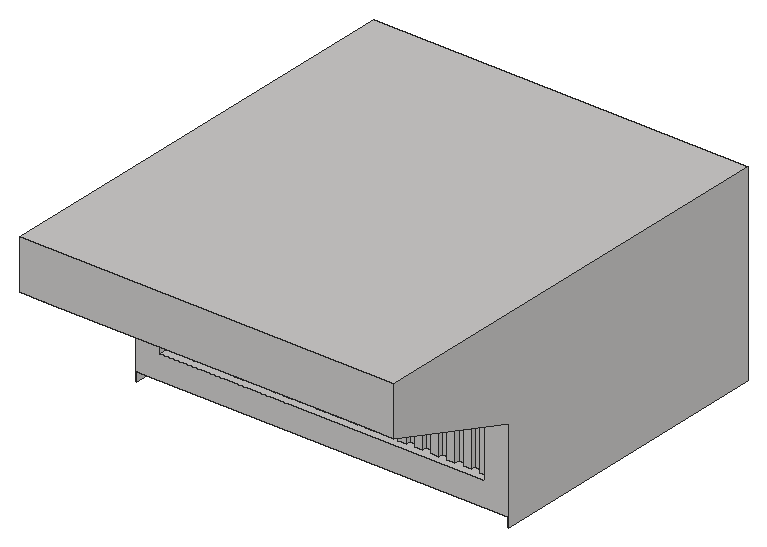
Revit family "QF_ELECTROLUXPROFESSIONAL_922735_HOBV11", category Specialty Equipment, Revit 2023
Family settings
  Round Connector Dimension = Use Diameter
  Part Type = Normal
  Work Plane-Based = No
  Enable Cutting in Views = No
  Always vertical = Yes
  Cut with Voids When Loaded = No
  Maintain Annotation Orientation = No
  Shared = No
  Room Calculation Point = No
Parameters
  Weight = 0.00 kg
  Watts = 0 W
  Volts = 0 V
  URL Manufacturer = ""
  URL = ""
  Steam Supply Size = 0 mm
  Steam Supply Minimum Pressure = 0.0 Pa
  Steam Supply Maximum Pressure = 0.0 Pa
  Steam Pounds per Hour = 0
  Show Logo [instance] = yes
  Show Clearance [instance] = yes
  Refrigeration Suction Line Size = 0 mm
  Refrigeration Liquid Line Size = 0 mm
  Refrigerant Compressor Remote = yes
  Manufacturer = ""
  Phase = 0
  Model = "HOBV11"
  Length Actual = 917 mm  # constant formula
  Item Number = "922735"
  Hot Water Size = 0 mm
  Height Actual = 450 mm  # constant formula
  HP = "0 HP"
  Gas Size = 0 mm
  Gas KW = 0
  Gas Input Pressure = 0 W
  Direct Waste Size = 0 mm
  Description = "EXHAUST HOOD WITHOUT FAN FOR 20 GN 1/1 OVEN"
  Depth Actual = 1085 mm  # constant formula
  Default Elevation = 0 mm
  Cycle = 0 Hz
  Condensate Return Size = 0 mm
  Compressed Air Volume = 0.0 L/s
  Compressed Air Size = 0 mm
  Compressed Air Pressure = 0.0 Pa
  Cold Water Size = 0 mm
  Accessory = yes
Reference planes
  plane 1 "Center X": y = 81.851
  plane 2: z = 0
  plane 3 "Center Y": x = -305.5
  plane 4 "LEFT": x = -760
  plane 5 "BACK": y = 479.851
  plane 6 "RIGHT": x = 149
  plane 7 "FRONT": y = -316.149
  plane 8 "TOP": z = 1728
  plane 9: y = -605.149
  plane 10: x = -764
  plane 11: x = 153
  plane 12: z = 2178
Forms (mm)
  Extrusion 1, solid, material "QF_Clearance", visible <- "Show Clearance", detail levels coarse
    sketch origin (0, 0, 0) x (1, 0, 0) y (0, 1, 0)
      loop
        line (-764, 479.851) -> (153, 479.851) -> (153, 629.851) -> (-764, 629.851) -> (-764, 479.851)
    from 1707 to 2178
  Extrusion 2, solid, material "QF_Clearance", visible <- "Show Clearance", detail levels coarse
    sketch origin (-1150.39, -1524, 2178) x (-1, 0, 0) y (0, -1, 0)
      loop
        line (-386.39, -918.851) -> (-1303.39, -918.851) -> (-1303.39, -2153.851) -> (-386.39, -2153.851) -> (-386.39, -918.851)
    from 450 to 0
  Extrusion 3, solid, material "QF_Finishes_Stainless Steel"
    sketch origin (-764, 902.856, 4000) x (0, 1, 0) y (0, 0, 1)
      loop
        line (-423.005, -2272) -> (-423.005, -1822) -> (-1508.005, -1822) -> (-1508.005, -1942.064) -> (-1154.005, -2066.021) -> (-1154.005, -2272) -> (-423.005, -2272)
    from 60 to 0
  Extrusion 4, solid, material "QF_Finishes_Stainless Steel"
    sketch origin (153, 902.856, 4000) x (0, 1, 0) y (0, 0, 1)
      loop
        line (-423.005, -2272) -> (-423.005, -1822) -> (-1508.005, -1822) -> (-1508.005, -1942.064) -> (-1154.005, -2066.021) -> (-1154.005, -2272) -> (-423.005, -2272)
    from -60 to 0
  Extrusion 5, solid, material "QF_Finishes_Stainless Steel"
    sketch origin (-305.5, 0, 0) x (0, 1, 0) y (0, 0, 1)
      loop
        line (479.851, 1728) -> (479.851, 2178) -> (-605.149, 2178) -> (-605.149, 2057.936) -> (-231.149, 2057.936) -> (-231.149, 1788) -> (-251.149, 1788) -> (-251.149, 1728) -> (479.851, 1728)
    from -398.5 to 398.5
  Extrusion 6, solid, material "QF_Finishes_Stainless Steel"
    sketch origin (0, -316.149, 0) x (-1, 0, 0) y (0, 0, 1)
      loop
        line (764, 1728) -> (760, 1728) -> (760, 1707) -> (764, 1707) -> (764, 1728)
      loop
        line (-149, 1728) -> (-153, 1728) -> (-153, 1707) -> (-149, 1707) -> (-149, 1728)
    from 65 to 796
  Extrusion 7, solid, material "QF_Finishes_Stainless Steel"
    sketch origin (0, 479.851, 0) x (-1, 0, 0) y (0, 0, 1)
      loop
        circle (-128, 2113) r 8
      loop
        circle (305.5, 1746) r 7
    from 0 to 20
  Extrusion 8, void
    sketch origin (0, 0, 0) x (1, 0, 0) y (0, 1, 0)
      loop
        line (-335.5, -221.149) -> (-355.5, -221.149) -> (-355.5, -231.149) -> (-335.5, -231.149) -> (-335.5, -221.149)
      loop
        line (-315.5, -221.149) -> (-315.5, -231.149) -> (-295.5, -231.149) -> (-295.5, -221.149) -> (-315.5, -221.149)
      loop
        line (-275.5, -221.149) -> (-275.5, -231.149) -> (-255.5, -231.149) -> (-255.5, -221.149) -> (-275.5, -221.149)
      loop
        line (-235.5, -221.149) -> (-235.5, -231.149) -> (-215.5, -231.149) -> (-215.5, -221.149) -> (-235.5, -221.149)
      loop
        line (-195.5, -221.149) -> (-195.5, -231.149) -> (-175.5, -231.149) -> (-175.5, -221.149) -> (-195.5, -221.149)
      loop
        line (-155.5, -221.149) -> (-155.5, -231.149) -> (-135.5, -231.149) -> (-135.5, -221.149) -> (-155.5, -221.149)
      loop
        line (-115.5, -221.149) -> (-115.5, -231.149) -> (-95.5, -231.149) -> (-95.5, -221.149) -> (-115.5, -221.149)
      loop
        line (-75.5, -221.149) -> (-75.5, -231.149) -> (-55.5, -231.149) -> (-55.5, -221.149) -> (-75.5, -221.149)
      loop
        line (-35.5, -221.149) -> (-35.5, -231.149) -> (-15.5, -231.149) -> (-15.5, -221.149) -> (-35.5, -221.149)
      loop
        line (4.5, -221.149) -> (4.5, -231.149) -> (24.5, -231.149) -> (24.5, -221.149) -> (4.5, -221.149)
      loop
        line (44.5, -221.149) -> (44.5, -231.149) -> (64.5, -231.149) -> (64.5, -221.149) -> (44.5, -221.149)
      loop
        line (-675.5, -221.149) -> (-675.5, -231.149) -> (-655.5, -231.149) -> (-655.5, -221.149) -> (-675.5, -221.149)
      loop
        line (-635.5, -221.149) -> (-635.5, -231.149) -> (-615.5, -231.149) -> (-615.5, -221.149) -> (-635.5, -221.149)
      loop
        line (-595.5, -221.149) -> (-595.5, -231.149) -> (-575.5, -231.149) -> (-575.5, -221.149) -> (-595.5, -221.149)
      loop
        line (-555.5, -221.149) -> (-555.5, -231.149) -> (-535.5, -231.149) -> (-535.5, -221.149) -> (-555.5, -221.149)
      loop
        line (-515.5, -221.149) -> (-515.5, -231.149) -> (-495.5, -231.149) -> (-495.5, -221.149) -> (-515.5, -221.149)
      loop
        line (-475.5, -221.149) -> (-475.5, -231.149) -> (-455.5, -231.149) -> (-455.5, -221.149) -> (-475.5, -221.149)
      loop
        line (-435.5, -221.149) -> (-435.5, -231.149) -> (-415.5, -231.149) -> (-415.5, -221.149) -> (-435.5, -221.149)
      loop
        line (-395.5, -221.149) -> (-395.5, -231.149) -> (-375.5, -231.149) -> (-375.5, -221.149) -> (-395.5, -221.149)
    from 1788 to 2057.936
Cuts and joins
  joined: Extrusion 1, Extrusion 2
  Extrusion 8 cuts Extrusion 3
  Extrusion 8 cuts Extrusion 4
  Extrusion 8 cuts Extrusion 5
  Extrusion 8 cuts Extrusion 6
  Extrusion 8 cuts Extrusion 7
  joined: Extrusion 3, Extrusion 4, Extrusion 5, Extrusion 6, Extrusion 7
Lines and regions (mm)
  symbolic lines, style "QF_Clearances", visible <- "Show Clearance"
    curve 1: line (153, 629.851, 0) -> (-764, 629.851, 0)
  symbolic lines, style "Linee tratto punto"
    curve 2: line (-764, 479.851, 0) -> (153, 479.851, 0)
    curve 3: line (-764, -605.149, 0) -> (-764, 479.851, 0)
    curve 4: line (153, -605.149, 0) -> (-764, -605.149, 0)
    curve 5: line (153, 479.851, 0) -> (153, -605.149, 0)
    curve 16: line (-764, -605.149, 0) -> (153, 479.851, 0)
    curve 17: line (-764, 479.851, 0) -> (153, -605.149, 0)
  symbolic lines
    curve 6: line (-312.5, 499.851, 0) -> (-298.5, 499.851, 0)
    curve 7: line (-298.5, 499.851, 0) -> (-298.5, 479.851, 0)
    curve 8: line (-312.5, 499.851, 0) -> (-312.5, 479.851, 0)
    curve 9: line (136, 499.851, 0) -> (136, 479.851, 0)
    curve 10: line (136, 499.851, 0) -> (120, 499.851, 0)
    curve 11: line (120, 499.851, 0) -> (120, 479.851, 0)
  symbolic lines, style "SpecialityEquipmentHiddenLines"
    curve 12: line (-313, 338.851, 0) -> (8, 338.851, 0)
    curve 13: line (-313, 28.351, 0) -> (-313, 338.851, 0)
    curve 14: line (8, 28.351, 0) -> (-313, 28.351, 0)
    curve 15: line (8, 338.851, 0) -> (8, 28.351, 0)
Dimensions and locks
  equal spacing: plane 4 "LEFT", plane 3 "Center Y", plane 6 "RIGHT"
  plane 10 to plane 11 = 917 mm
  plane 5 "BACK" to plane 9 = 1085 mm
  equal spacing: plane 5 "BACK", plane 1 "Center X", plane 7 "FRONT"
  locked: plane 10 to plane 4 "LEFT" at 4
  locked: plane 6 "RIGHT" to plane 11 at 4
  cut or joined group of Extrusion 3, Extrusion 4, Extrusion 5, Extrusion 6, Extrusion 7, Extrusion 8 to Extrusion 7 sketch curve = 39 mm
  Extrusion 7 sketch curve to plane 12 = 65 mm
  plane 11 to Extrusion 7 sketch curve = 25 mm
  aligned and locked: level to plane 2
Automatic sketch dimensions
  Extrusion 1 sketch curve to plane 10 = 0 mm
  Extrusion 1 sketch curve to plane 11 = 0 mm
  Extrusion 1 sketch curve to plane 5 "BACK" = 0 mm
  plane 5 "BACK" to Extrusion 1 sketch curve = 150 mm
  Extrusion 2 sketch curve to plane 9 = 0 mm
  Extrusion 2 sketch curve to plane 11 = 0 mm
  Extrusion 2 sketch curve to plane 10 = 0 mm
  plane 5 "BACK" to Extrusion 2 sketch curve = 150 mm
  Extrusion 5 sketch curve to plane 9 = 0 mm
  Extrusion 5 sketch curve to plane 8 "TOP" = 0 mm
  Extrusion 5 sketch curve to plane 5 "BACK" = 0 mm
  Extrusion 5 sketch curve to plane 12 = 0 mm
  plane 7 "FRONT" to Extrusion 5 sketch curve = 65 mm
  plane 7 "FRONT" to Extrusion 5 sketch curve = 85 mm
  plane 8 "TOP" to Extrusion 5 sketch curve = 60 mm
  Extrusion 5 sketch curve to plane 12 = 120.064 mm
  Extrusion 6 sketch curve to plane 8 "TOP" = 0 mm  (x2)
  Extrusion 6 sketch curve to plane 11 = 0 mm
  Extrusion 6 sketch curve to plane 6 "RIGHT" = 0 mm
  Extrusion 6 sketch curve to plane 4 "LEFT" = 0 mm
  Extrusion 6 sketch curve to plane 10 = 0 mm
  Extrusion 6 sketch curve to plane 8 "TOP" = 21 mm
  Extrusion 6 sketch curve to Extrusion 6 sketch curve = 21 mm
  Extrusion 7 sketch curve to plane 3 "Center Y" = 0 mm
  curve 1 to plane 10 = 0 mm
  curve 4 to plane 10 = 0 mm
  curve 1 to plane 11 = 0 mm
  curve 16 to plane 5 "BACK" = 0 mm
  curve 16 to plane 11 = 0 mm
  curve 5 to plane 9 = 0 mm
  curve 8 to plane 3 "Center Y" = 7 mm
  plane 3 "Center Y" to curve 6 = 7 mm
  curve 12 to plane 3 "Center Y" = 7.5 mm
  curve 15 to plane 6 "RIGHT" = 141 mm
  curve 11 to plane 6 "RIGHT" = 29 mm
  curve 9 to plane 6 "RIGHT" = 13 mm
  plane 1 "Center X" to curve 14 = 53.5 mm
  curve 12 to plane 5 "BACK" = 141 mm
  curve 9 to curve 10 = 20 mm
  plane 5 "BACK" to curve 8 = 20 mm
  curve 9 to curve 1 = 130 mm
  Extrusion 4 sketch curve to plane 9 = 0 mm
  Extrusion 4 sketch curve to plane 8 "TOP" = 0 mm
  Extrusion 4 sketch curve to plane 5 "BACK" = 0 mm
  Extrusion 4 sketch curve to plane 12 = 0 mm
  plane 7 "FRONT" to Extrusion 4 sketch curve = 65 mm
  plane 8 "TOP" to Extrusion 4 sketch curve = 205.979 mm
  Extrusion 4 sketch curve to Extrusion 4 sketch curve = 120.064 mm
  Extrusion 3 sketch curve to plane 9 = 0 mm
  Extrusion 3 sketch curve to plane 8 "TOP" = 0 mm
  Extrusion 3 sketch curve to plane 5 "BACK" = 0 mm
  Extrusion 3 sketch curve to plane 12 = 0 mm
  plane 7 "FRONT" to Extrusion 3 sketch curve = 65 mm
  plane 8 "TOP" to Extrusion 3 sketch curve = 205.979 mm
  Extrusion 3 sketch curve to Extrusion 3 sketch curve = 120.064 mm
  Extrusion 8 sketch curve to Extrusion 8 sketch curve = 20 mm  (x36)
  Extrusion 8 sketch curve to plane 3 "Center Y" = 10 mm
  plane 3 "Center Y" to Extrusion 8 sketch curve = 10 mm
  plane 7 "FRONT" to Extrusion 8 sketch curve = 85 mm  (x2)
  Extrusion 8 sketch curve to Extrusion 8 sketch curve = 0 mm  (x17)
  Extrusion 8 sketch curve to Extrusion 8 sketch curve = 10 mm  (x19)
  radius of Extrusion 7 sketch curve = 8 mm
  radius of Extrusion 7 sketch curve = 7 mm
Connectors
  electrical at (128, 499.851, 2113)
    settings: on cut or joined group of Extrusion 3, Extrusion 4, Extrusion 5, Extrusion 6, Extrusion 7, Extrusion 8, index 1, voltage 0 V, apparent load 0 VA, apparent load phase1 0 VA, apparent load phase2 0 VA, apparent load phase3 0 VA, power factor 1, load classification "Altro", number of poles 1, system type 30, power factor state 1, is connector primary yes, connector utility no, sub classification motor no, connector description "Electrical Connection"
  piping at (-305.5, 499.851, 1746), diameter 14
    settings: on cut or joined group of Extrusion 3, Extrusion 4, Extrusion 5, Extrusion 6, Extrusion 7, Extrusion 8, index 2, connector inside diameter 609.6 mm, connector length 0 mm, flow factor 0, pipe flow 0.0 L/s, pressure drop 0.0 Pa, fitting loss kfactor 0, connector angle 0.00°, fixture units 0, engagement length 0 mm, angle of deflection 0.00°, flow configuration 1, flow direction 2, fitting loss method 0, system type 16, joint type 0, gender type 0, connector reference index -1, connector utility 0, adjustable connector no, is connector primary yes, connector description "Drain"
